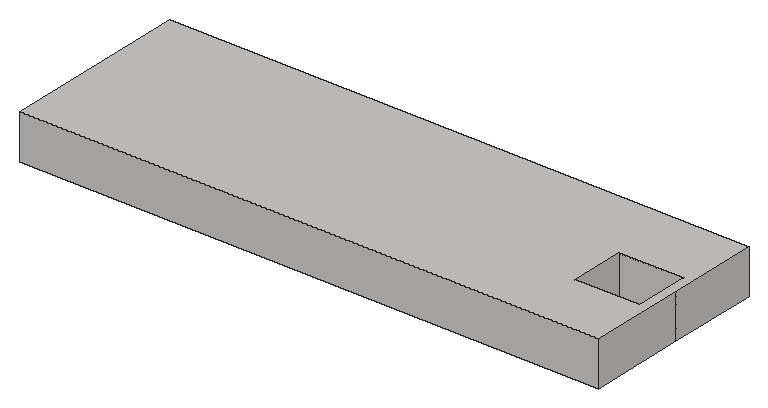
Revit family "G805-007 CAB24", category Mechanical Equipment, Revit 2012
Parameters (values of type "2 TON")
  Water Outlet Radius = 0' - 0 7/16"
  Water Inlet Radius = 0' - 0 7/16"
  URL = "http://www.desert-aire.com/"
  Type Comments = ""
  RC Return Radius = 0' - 0 3/16"
  RC Discharge Radius = 0' - 0 1/4"
  Outdoor Unit = yes
  Model = "G805-007"
  Manufacturer = "DESERT AIRE"
  Description = "NON-PACKAGED"
  Curb Height [instance] = 0' - 8"
  Cost = 0
Types (4): name | Water Outlet Radius | Water Inlet Radius | RC Return Radius | RC Discharge Radius | Model
  (no name) | 0' - 0 7/16" | 0' - 0 7/16" | 0' - 0 3/16" | 0' - 0 1/4" | "G805-007"
  2 TON | 0' - 0 7/16" | 0' - 0 7/16" | 0' - 0 3/16" | 0' - 0 1/4" | "G805-007"
  3 TON | 0' - 0 7/16" | 0' - 0 7/16" | 0' - 0 1/4" | 0' - 0 5/16" | "G805-001"
  5 TON | 0' - 0 9/16" | 0' - 0 9/16" | 0' - 0 1/4" | 0' - 0 3/8" | "G805-001"
Reference planes (in)
  plane 1: y = 0
  plane 2: z = 0
  plane 3: x = 0
  plane 4: z = 8
  plane 5: z = 49.975
Forms (in)
  Extrusion 1, solid, material "Steel"
    sketch origin (-10.97373, 0, 0) x (1, 0, 0) y (0, 1, 0)
      loop
        line (-40.48327, 16.94) -> (-40.48327, -16.56) -> (63.39173, -16.56) -> (63.39173, 0.69) -> (63.39173, 16.94) -> (-40.48327, 16.94)
      loop
        line (50.19125, 4.38202) -> (50.19125, -5.47334) -> (61.77203, -5.47334) -> (61.77203, 4.38202) -> (50.19125, 4.38202)
    from 0 to 8
Dimensions and locks (in)
  "Curb Height": plane 4 to plane 2
  locked: plane 5 to plane 4 at 41.975
  aligned and locked: Extrusion 1 to plane 2
  aligned and locked: plane 4 to Extrusion 1
  aligned and locked: Extrusion 1 to plane 4  (x2)
  aligned and locked: import instance to plane 4
  aligned and locked: plane 5 to import instance
  aligned and locked: import instance to plane 5
  aligned and locked: import instance to import instance
Automatic sketch dimensions
  plane 1 to Extrusion 1 sketch curve = 1' - 4.56"
  Extrusion 1 sketch curve to plane 3 = 4' - 3.457"
  Extrusion 1 sketch curve to plane 1 = 0' - 4.38202"
  plane 3 to Extrusion 1 sketch curve = 3' - 3.21751"
  Extrusion 1 sketch curve to Extrusion 1 sketch curve = 0' - 11.58078"
  Extrusion 1 sketch curve to Extrusion 1 sketch curve = 0' - 1.61971"
  Extrusion 1 sketch curve to Extrusion 1 sketch curve = 0' - 11.08666"
  Extrusion 1 sketch curve to plane 1 = 0' - 0.69"
  Extrusion 1 sketch curve to Extrusion 1 sketch curve = 1' - 0.55798"
Connectors (in)
  piping at (-23.07406, -1.97213, 0)
    settings: on Extrusion 1, index 5, connector radius 1/2", flow factor 0, pipe flow 0 GPM, pressure drop 0.00 psi, fitting loss kfactor 0, connector angle 0.00°, fixture units 0, engagement length 0' - 0", flow configuration 0, flow direction 0, fitting loss method 0, system type 22, joint type 0, gender type 0, connector reference index -1, connector utility 0, adjustable connector no, is connector primary yes, fitting loss table "", connector description "BOTTOM CONDENSATE"
  electrical at (53.5275, -15.52926, 47.08947)
    settings: on import instance, index 26, voltage 0 V, apparent load 0 VA, apparent load phase1 0 VA, apparent load phase2 0 VA, apparent load phase3 0 VA, power factor 1, load classification "Other", number of poles 1, system type 31, power factor state 1, is connector primary yes, connector utility no, sub classification motor no, connector description "OPTIONAL DISCONNECT LOCATION"
  hvac at (53.5275, -0.49013, 17.45514)
    settings: on import instance, index 27, duct flow 0 CFM, flow factor 0, pres drop 0.00 in-wg, loss coef 0, conn angle 0.00°, conn width 9 7/8", conn height 11 1/2", conn radius 12", duct sys type 1, conn prof type 1, flow config 0, flow direction 0, loss method 0, conn ref index -1, conn util no, is conn primary yes, conn desc "SUPPLY DISCHARGE"
  piping at (-0.16144, -19.06479, 10.56786)
    settings: on import instance, index 28, connector radius 1/2", flow factor 0, pipe flow 0 GPM, pressure drop 0.00 psi, fitting loss kfactor 0, connector angle 0.00°, fixture units 0, engagement length 0' - 0", flow configuration 0, flow direction 0, fitting loss method 0, system type 22, joint type 0, gender type 0, connector reference index -1, connector utility 0, adjustable connector no, is connector primary no, fitting loss table "", connector description "LEFT SIDE CONDENSATE"
  piping at (-0.16144, -19.06479, 13.31786), driven by "RC Discharge Radius"
    settings: on import instance, index 29, connector radius 1/4", flow factor 0, pipe flow 0 GPM, pressure drop 0.00 psi, fitting loss kfactor 0, connector angle 0.00°, fixture units 0, engagement length 0' - 0", flow configuration 0, flow direction 0, fitting loss method 0, system type 7, joint type 0, gender type 0, connector reference index -1, connector utility 0, adjustable connector no, is connector primary no, fitting loss table "", connector description "LEFT SIDE RC DISCHARGE CONNECTION LOCATION"
  piping at (-0.16144, -19.06479, 15.31786), driven by "RC Return Radius"
    settings: on import instance, index 30, connector radius 3/16", flow factor 0, pipe flow 0 GPM, pressure drop 0.00 psi, fitting loss kfactor 0, connector angle 0.00°, fixture units 0, engagement length 0' - 0", flow configuration 0, flow direction 0, fitting loss method 0, system type 8, joint type 0, gender type 0, connector reference index -1, connector utility 0, adjustable connector no, is connector primary no, fitting loss table "", connector description "LEFT SIDE RC RETURN CONNECTION LOCATION"
  piping at (-0.16144, -19.06479, 21.31786), driven by "Water Inlet Radius"
    settings: on import instance, index 31, connector radius 7/16", flow factor 0, pipe flow 0 GPM, pressure drop 0.00 psi, fitting loss kfactor 0, connector angle 0.00°, fixture units 0, engagement length 0' - 0", flow configuration 0, flow direction 0, fitting loss method 0, system type 20, joint type 0, gender type 0, connector reference index -1, connector utility 0, adjustable connector no, is connector primary no, fitting loss table "", connector description "LEFT SIDE WATER INLET CONNECTION LOCATION"
  piping at (-0.16144, -19.06479, 23.31786), driven by "Water Outlet Radius"
    settings: on import instance, index 32, connector radius 7/16", flow factor 0, pipe flow 0 GPM, pressure drop 0.00 psi, fitting loss kfactor 0, connector angle 0.00°, fixture units 0, engagement length 0' - 0", flow configuration 0, flow direction 0, fitting loss method 0, system type 20, joint type 0, gender type 0, connector reference index -1, connector utility 0, adjustable connector no, is connector primary no, fitting loss table "", connector description "LEFT SIDE WATER OUTLET CONNECTION LOCATION"
  hvac at (46.66575, -0.5725, 50.745)
    settings: on import instance, index 33, duct flow 0 CFM, flow factor 0, pres drop 0.00 in-wg, loss coef 0, conn angle 0.00°, conn width 11 1/2", conn height 9 7/8", conn radius 12", duct sys type 1, conn prof type 1, flow config 0, flow direction 0, loss method 0, conn ref index -1, conn util no, is conn primary no, conn desc "SUPPLY DISCHARGE"
  piping at (-0.1605, 18.05521, 10.55182)
    settings: on import instance, index 34, connector radius 1/2", flow factor 0, pipe flow 0 GPM, pressure drop 0.00 psi, fitting loss kfactor 0, connector angle 0.00°, fixture units 0, engagement length 0' - 0", flow configuration 0, flow direction 0, fitting loss method 0, system type 22, joint type 0, gender type 0, connector reference index -1, connector utility 0, adjustable connector no, is connector primary no, fitting loss table "", connector description "RIGHT SIDE CONDENSATE"
  piping at (-0.1605, 18.05521, 13.30182), driven by "RC Discharge Radius"
    settings: on import instance, index 35, connector radius 1/4", flow factor 0, pipe flow 0 GPM, pressure drop 0.00 psi, fitting loss kfactor 0, connector angle 0.00°, fixture units 0, engagement length 0' - 0", flow configuration 0, flow direction 0, fitting loss method 0, system type 7, joint type 0, gender type 0, connector reference index -1, connector utility 0, adjustable connector no, is connector primary no, fitting loss table "", connector description "RIGHT SIDE RC DISCHARGE CONNECTION LOCATION"
  piping at (-0.1605, 18.05521, 15.30182), driven by "RC Return Radius"
    settings: on import instance, index 36, connector radius 3/16", flow factor 0, pipe flow 0 GPM, pressure drop 0.00 psi, fitting loss kfactor 0, connector angle 0.00°, fixture units 0, engagement length 0' - 0", flow configuration 0, flow direction 0, fitting loss method 0, system type 8, joint type 0, gender type 0, connector reference index -1, connector utility 0, adjustable connector no, is connector primary no, fitting loss table "", connector description "RIGHT SIDE RC RETURN CONNECTION LOCATION"
  piping at (-0.1605, 18.05521, 21.30182), driven by "Water Inlet Radius"
    settings: on import instance, index 37, connector radius 7/16", flow factor 0, pipe flow 0 GPM, pressure drop 0.00 psi, fitting loss kfactor 0, connector angle 0.00°, fixture units 0, engagement length 0' - 0", flow configuration 0, flow direction 0, fitting loss method 0, system type 20, joint type 0, gender type 0, connector reference index -1, connector utility 0, adjustable connector no, is connector primary no, fitting loss table "", connector description "RIGHT SIDE WATER INLET CONNECTION LOCATION"
  piping at (-0.1605, 18.05521, 23.30182), driven by "Water Outlet Radius"
    settings: on import instance, index 38, connector radius 7/16", flow factor 0, pipe flow 0 GPM, pressure drop 0.00 psi, fitting loss kfactor 0, connector angle 0.00°, fixture units 0, engagement length 0' - 0", flow configuration 0, flow direction 0, fitting loss method 0, system type 20, joint type 0, gender type 0, connector reference index -1, connector utility 0, adjustable connector no, is connector primary no, fitting loss table "", connector description "RIGHT SIDE WATER OUTLET CONNECTION LOCATION"
  hvac at (45.06902, -0.55242, 10.02)
    settings: on import instance, index 39, duct flow 0 CFM, flow factor 0, pres drop 0.00 in-wg, loss coef 0, conn angle 0.00°, conn width 9 7/8", conn height 11 1/2", conn radius 12", duct sys type 3, conn prof type 1, flow config 0, flow direction 0, loss method 0, conn ref index -1, conn util no, is conn primary no, conn desc "SUPPLY AIR DUCT CONNECTION"
  hvac at (-53.1525, -0.56729, 29.84635)
    settings: on import instance, index 40, duct flow 0 CFM, flow factor 0, pres drop 0.00 in-wg, loss coef 0, conn angle 0.00°, conn width 23 7/8", conn height 39 3/4", conn radius 12", duct sys type 3, conn prof type 1, flow config 0, flow direction 0, loss method 0, conn ref index -1, conn util no, is conn primary no, conn desc "O/A INTAKE"
